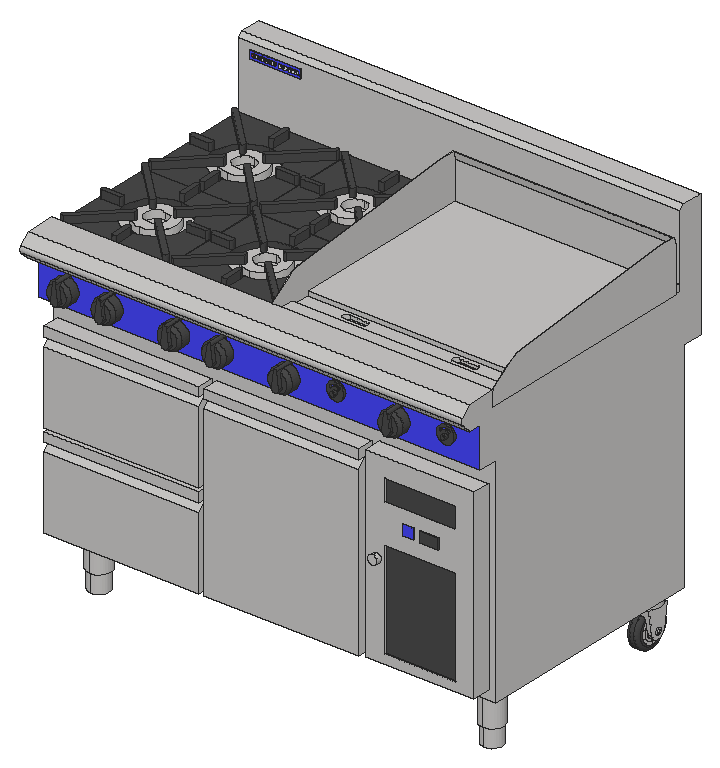
Revit family "QF_MOFFAT_BLUESEAL_CE_G518B-RB", category Specialty Equipment, Revit 2012 (continued)
Definition of nested family "GAS BURNER 600 & GRIDDLE 600"
  Definition of nested family "GAS BURNER 600"
    Lines and regions (mm)
      symbolic lines
        curve 152: spline (443.6, -378.102, 0) -> (443.818, -379.396, 0) -> (444.457, -380.602, 0) -> (445.475, -381.638, 0) -> (446.8, -382.432, 0) -> (448.344, -382.932, 0) -> (450, -383.102, 0) -> (451.656, -382.932, 0) -> (453.2, -382.432, 0) -> (454.525, -381.638, 0) -> (455.543, -380.602, 0) -> (456.182, -379.396, 0) -> (456.4, -378.102, 0)
        curve 153: line (456.4, -378.102, 0) -> (456.4, -328.898, 0)
        curve 154: spline (456.4, -328.898, 0) -> (456.182, -327.604, 0) -> (455.543, -326.398, 0) -> (454.525, -325.362, 0) -> (453.2, -324.568, 0) -> (451.656, -324.068, 0) -> (450, -323.898, 0) -> (448.344, -324.068, 0) -> (446.8, -324.568, 0) -> (445.475, -325.362, 0) -> (444.457, -326.398, 0) -> (443.818, -327.604, 0) -> (443.6, -328.898, 0)
        curve 155: line (584.847, -326.102, 0) -> (476.924, -434.025, 0)
        curve 156: spline (476.924, -434.025, 0) -> (476.163, -435.095, 0) -> (475.762, -436.399, 0) -> (475.749, -437.851, 0) -> (476.125, -439.35, 0) -> (476.863, -440.795, 0) -> (477.914, -442.086, 0) -> (479.205, -443.137, 0) -> (480.65, -443.875, 0) -> (482.149, -444.251, 0) -> (483.601, -444.238, 0) -> (484.905, -443.837, 0) -> (485.975, -443.076, 0)
        curve 157: line (485.975, -443.076, 0) -> (593.898, -335.153, 0)
        curve 158: spline (593.898, -335.153, 0) -> (594.819, -333.924, 0) -> (595.369, -332.47, 0) -> (595.51, -330.89, 0) -> (595.233, -329.292, 0) -> (594.557, -327.786, 0) -> (593.527, -326.473, 0) -> (592.214, -325.443, 0) -> (590.708, -324.767, 0) -> (589.11, -324.49, 0) -> (587.53, -324.631, 0) -> (586.076, -325.181, 0) -> (584.847, -326.102, 0)
        curve 159: line (591.102, -463.6, 0) -> (541.898, -463.6, 0)
        curve 160: spline (541.898, -463.6, 0) -> (540.604, -463.818, 0) -> (539.398, -464.457, 0) -> (538.362, -465.475, 0) -> (537.568, -466.8, 0) -> (537.068, -468.344, 0) -> (536.898, -470, 0) -> (537.068, -471.656, 0) -> (537.568, -473.2, 0) -> (538.362, -474.525, 0) -> (539.398, -475.543, 0) -> (540.604, -476.182, 0) -> (541.898, -476.4, 0)
        curve 161: line (541.898, -476.4, 0) -> (591.102, -476.4, 0)
        curve 162: spline (591.102, -476.4, 0) -> (592.396, -476.182, 0) -> (593.602, -475.543, 0) -> (594.638, -474.525, 0) -> (595.432, -473.2, 0) -> (595.932, -471.656, 0) -> (596.102, -470, 0) -> (595.932, -468.344, 0) -> (595.432, -466.8, 0) -> (594.638, -465.475, 0) -> (593.602, -464.457, 0) -> (592.396, -463.818, 0) -> (591.102, -463.6, 0)
        curve 163: line (593.898, -603.347, 0) -> (485.975, -496.924, 0)
        curve 164: spline (485.975, -496.924, 0) -> (484.905, -496.163, 0) -> (483.601, -495.762, 0) -> (482.149, -495.749, 0) -> (480.65, -496.125, 0) -> (479.205, -496.863, 0) -> (477.914, -497.914, 0) -> (476.863, -499.205, 0) -> (476.125, -500.65, 0) -> (475.749, -502.149, 0) -> (475.762, -503.601, 0) -> (476.163, -504.905, 0) -> (476.924, -505.975, 0)
        curve 165: line (476.924, -505.975, 0) -> (584.847, -612.398, 0)
        curve 166: spline (584.847, -612.398, 0) -> (585.916, -613.159, 0) -> (587.221, -613.559, 0) -> (588.672, -613.572, 0) -> (590.171, -613.197, 0) -> (591.616, -612.459, 0) -> (592.908, -611.408, 0) -> (593.959, -610.116, 0) -> (594.697, -608.671, 0) -> (595.072, -607.172, 0) -> (595.059, -605.721, 0) -> (594.659, -604.416, 0) -> (593.898, -603.347, 0)
        curve 167: line (315.153, -612.398, 0) -> (423.076, -505.975, 0)
        curve 168: spline (423.076, -505.975, 0) -> (423.837, -504.905, 0) -> (424.238, -503.601, 0) -> (424.251, -502.149, 0) -> (423.875, -500.65, 0) -> (423.137, -499.205, 0) -> (422.086, -497.914, 0) -> (420.795, -496.863, 0) -> (419.35, -496.125, 0) -> (417.851, -495.749, 0) -> (416.399, -495.762, 0) -> (415.095, -496.163, 0) -> (414.025, -496.924, 0)
        curve 169: line (414.025, -496.924, 0) -> (306.102, -603.347, 0)
        curve 170: spline (306.102, -603.347, 0) -> (305.341, -604.416, 0) -> (304.941, -605.721, 0) -> (304.928, -607.172, 0) -> (305.303, -608.671, 0) -> (306.041, -610.116, 0) -> (307.092, -611.408, 0) -> (308.384, -612.459, 0) -> (309.829, -613.197, 0) -> (311.328, -613.572, 0) -> (312.779, -613.559, 0) -> (314.084, -613.159, 0) -> (315.153, -612.398, 0)
        curve 171: line (308.898, -476.4, 0) -> (358.102, -476.4, 0)
        curve 172: spline (358.102, -476.4, 0) -> (359.396, -476.182, 0) -> (360.602, -475.543, 0) -> (361.638, -474.525, 0) -> (362.432, -473.2, 0) -> (362.932, -471.656, 0) -> (363.102, -470, 0) -> (362.932, -468.344, 0) -> (362.432, -466.8, 0) -> (361.638, -465.475, 0) -> (360.602, -464.457, 0) -> (359.396, -463.818, 0) -> (358.102, -463.6, 0)
        curve 173: line (358.102, -463.6, 0) -> (308.898, -463.6, 0)
        curve 174: spline (308.898, -463.6, 0) -> (307.604, -463.818, 0) -> (306.398, -464.457, 0) -> (305.362, -465.475, 0) -> (304.568, -466.8, 0) -> (304.068, -468.344, 0) -> (303.898, -470, 0) -> (304.068, -471.656, 0) -> (304.568, -473.2, 0) -> (305.362, -474.525, 0) -> (306.398, -475.543, 0) -> (307.604, -476.182, 0) -> (308.898, -476.4, 0)
        curve 175: line (456.4, -609.602, 0) -> (456.4, -561.898, 0)
        curve 176: spline (456.4, -561.898, 0) -> (456.182, -560.604, 0) -> (455.543, -559.398, 0) -> (454.525, -558.362, 0) -> (453.2, -557.568, 0) -> (451.656, -557.068, 0) -> (450, -556.898, 0) -> (448.344, -557.068, 0) -> (446.8, -557.568, 0) -> (445.475, -558.362, 0) -> (444.457, -559.398, 0) -> (443.818, -560.604, 0) -> (443.6, -561.898, 0)
        curve 177: line (443.6, -561.898, 0) -> (443.6, -609.602, 0)
        curve 178: spline (443.6, -609.602, 0) -> (443.818, -610.896, 0) -> (444.457, -612.102, 0) -> (445.475, -613.138, 0) -> (446.8, -613.932, 0) -> (448.344, -614.432, 0) -> (450, -614.602, 0) -> (451.656, -614.432, 0) -> (453.2, -613.932, 0) -> (454.525, -613.138, 0) -> (455.543, -612.102, 0) -> (456.182, -610.896, 0) -> (456.4, -609.602, 0)
        curve 179: arc (450.009, -384.418, 0) -> (479.699, -389.834, 0) -> (505.564, -405.385, 0) r 84.082
        curve 180: arc (450.009, -552.582, 0) -> (417.885, -546.204, 0) -> (390.635, -528.036, 0) r 84.082
        curve 181: arc (450, -523.5, 0) -> (467.666, -520.693, 0) -> (483.592, -512.55, 0) r 57
        curve 182: arc (450, -409.5, 0) -> (430.014, -413.119, 0) -> (412.566, -423.515, 0) r 57
        curve 183: arc (450, -436.5, 0) -> (480, -466.5, 0) -> (450, -496.5, 0) r 30
        curve 184: arc (450, -496.5, 0) -> (420, -466.5, 0) -> (450, -436.5, 0) r 30
        curve 185: arc (96.324, -103.773, 0) -> (121.466, -89.404, 0) -> (149.991, -84.418, 0) r 84.082
        curve 186: arc (212.871, -112.68, 0) -> (234.066, -167.408, 0) -> (214.3, -222.668, 0) r 84.082
        curve 187: arc (194.454, -202.178, 0) -> (207, -166.598, 0) -> (194.576, -130.975, 0) r 57
        curve 188: arc (114.628, -211.197, 0) -> (131.275, -220.336, 0) -> (150, -223.5, 0) r 57
        curve 189: arc (405.424, -130.975, 0) -> (393, -166.598, 0) -> (405.546, -202.178, 0) r 57
        curve 190: arc (485.525, -121.924, 0) -> (468.817, -112.696, 0) -> (450, -109.5, 0) r 57
        curve 191: arc (494.454, -202.178, 0) -> (507, -166.598, 0) -> (494.576, -130.975, 0) r 57
        curve 192: arc (414.628, -211.197, 0) -> (431.275, -220.336, 0) -> (450, -223.5, 0) r 57
        curve 193: arc (105.424, -130.975, 0) -> (93, -166.598, 0) -> (105.546, -202.178, 0) r 57
        curve 194: arc (514.501, -414.55, 0) -> (534.086, -469.429, 0) -> (513.293, -523.862, 0) r 84.082
        curve 195: arc (504.155, -532.827, 0) -> (478.827, -547.489, 0) -> (450.009, -552.582, 0) r 84.082
        curve 196: arc (493.031, -503.881, 0) -> (506.947, -468.956, 0) -> (496.089, -432.962, 0) r 57
        curve 197: arc (416.408, -512.55, 0) -> (432.334, -520.693, 0) -> (450, -523.5, 0) r 57
        curve 198: arc (403.911, -432.962, 0) -> (393.053, -468.956, 0) -> (406.969, -503.881, 0) r 57
        curve 199: arc (487.434, -423.515, 0) -> (469.986, -413.119, 0) -> (450, -409.5, 0) r 57
        curve 200: arc (187.434, -423.515, 0) -> (169.986, -413.119, 0) -> (150, -409.5, 0) r 57
        curve 201: arc (103.911, -432.962, 0) -> (93.053, -468.956, 0) -> (106.969, -503.881, 0) r 57
        curve 202: arc (109.732, -506.842, 0) -> (110.614, -507.704, 0) -> (111.516, -508.547, 0) r 57
        curve 203: arc (193.031, -503.881, 0) -> (206.947, -468.956, 0) -> (196.089, -432.962, 0) r 57
        curve 204: arc (214.491, -414.56, 0) -> (234.068, -469.429, 0) -> (213.283, -523.853, 0) r 84.082
        curve 205: arc (94.436, -405.385, 0) -> (120.301, -389.834, 0) -> (149.991, -384.418, 0) r 84.082
        curve 206: arc (86.707, -523.862, 0) -> (65.914, -469.429, 0) -> (85.499, -414.55, 0) r 84.082
        curve 207: arc (116.408, -512.55, 0) -> (132.334, -520.693, 0) -> (150, -523.5, 0) r 57
        curve 208: arc (204.147, -532.819, 0) -> (178.816, -547.487, 0) -> (149.991, -552.582, 0) r 84.082
        curve 209: arc (394.444, -405.393, 0) -> (420.313, -389.836, 0) -> (450.009, -384.418, 0) r 84.082
        curve 210: arc (390.635, -528.036, 0) -> (366.012, -472.294, 0) -> (385.509, -414.56, 0) r 84.082
        curve 211: arc (185.525, -121.924, 0) -> (168.817, -112.696, 0) -> (150, -109.5, 0) r 57
        curve 212: arc (396.332, -103.781, 0) -> (421.477, -89.406, 0) -> (450.009, -84.418, 0) r 84.082
        curve 213: arc (512.881, -112.67, 0) -> (534.084, -167.408, 0) -> (514.31, -222.678, 0) r 84.082
        curve 214: arc (505.339, -231.812, 0) -> (479.559, -247.219, 0) -> (450.009, -252.582, 0) r 84.082
        curve 215: arc (385.7, -222.668, 0) -> (365.934, -167.408, 0) -> (387.129, -112.68, 0) r 84.082
        curve 216: arc (205.331, -231.803, 0) -> (179.547, -247.216, 0) -> (149.991, -252.582, 0) r 84.082
        curve 217: arc (85.69, -222.678, 0) -> (65.916, -167.408, 0) -> (87.119, -112.67, 0) r 84.082
    Dimensions and locks
      equal spacing: plane 3 "LEFT", plane 7 "Center Y", plane 4 "RIGHT"
      "Width": plane 3 "LEFT" to plane 4 "RIGHT"
      equal spacing: plane 5 "FRONT", plane 8 "Center X", plane 1 "BACK"
      "Depth": plane 5 "FRONT" to plane 1 "BACK"
      aligned and locked: level to plane 2
    Automatic sketch dimensions
      plane 3 "LEFT" to Extrusion 1 sketch curve = 4.0 mm  (x2)
      plane 1 "BACK" to Extrusion 1 sketch curve = 0.0 mm
      plane 3 "LEFT" to Extrusion 1 sketch curve = 1.0 mm  (x2)
      Extrusion 1 sketch curve to Extrusion 1 sketch curve = 3.0 mm  (x5)
      plane 8 "Center X" to Extrusion 1 sketch curve = 149.0 mm
      Extrusion 1 sketch curve to plane 7 "Center Y" = 1.0 mm  (x2)
      plane 8 "Center X" to Extrusion 1 sketch curve = 2.0 mm  (x2)
      Extrusion 1 sketch curve to plane 5 "FRONT" = 166.5 mm
      Extrusion 1 sketch curve to plane 5 "FRONT" = 3.0 mm  (x2)
      plane 3 "LEFT" to Extrusion 1 sketch curve = 149.991 mm  (x2)
      Extrusion 2 sketch curve to Extrusion 1 = 22.602 mm  (x2)
      Extrusion 2 sketch curve to Extrusion 1 = 25.398 mm  (x2)
      Extrusion 2 sketch curve to Extrusion 2 sketch curve = 4.525 mm  (x16)
      Extrusion 2 sketch curve to Extrusion 2 sketch curve = 49.204 mm  (x5)
      Extrusion 2 sketch curve to Extrusion 2 sketch curve = 55.923 mm  (x5)
      Extrusion 2 sketch curve to Extrusion 2 sketch curve = 0.0 mm  (x5)
      Extrusion 2 sketch curve to Extrusion 2 sketch curve = 20.524 mm  (x8)
      Extrusion 2 sketch curve to Extrusion 2 sketch curve = 6.4 mm  (x8)
      Extrusion 2 sketch curve to Extrusion 2 sketch curve = 53.847 mm  (x8)
      Extrusion 2 sketch curve to Extrusion 1 = 56.602 mm
      Extrusion 2 sketch curve to Extrusion 1 = 5.102 mm  (x6)
      Extrusion 2 sketch curve to Extrusion 1 = 13.653 mm  (x2)
      Extrusion 2 sketch curve to Extrusion 1 = 7.398 mm  (x2)
      Extrusion 2 sketch curve to Extrusion 1 = 4.602 mm  (x2)
      Extrusion 2 sketch curve to Extrusion 1 = 7.898 mm  (x4)
      Extrusion 2 sketch curve to Extrusion 1 = 31.653 mm  (x2)
      Extrusion 2 sketch curve to Extrusion 1 = 57.102 mm
      Extrusion 2 sketch curve to Extrusion 1 = 14.153 mm
      Extrusion 3 sketch curve to Extrusion 3 sketch curve = 0.0 mm  (x24)
      plane 8 "Center X" to Extrusion 3 sketch curve = 208.0 mm
      Extrusion 3 sketch curve to Extrusion 3 sketch curve = 27.0 mm  (x2)
      Extrusion 3 sketch curve to Extrusion 3 sketch curve = 30.0 mm  (x2)
      Extrusion 3 sketch curve to plane 5 "FRONT" = 225.5 mm
      plane 3 "LEFT" to Extrusion 3 sketch curve = 150.0 mm  (x2)
      plane 4 "RIGHT" to Extrusion 4 sketch curve = 4.0 mm  (x2)
      plane 1 "BACK" to Extrusion 4 sketch curve = 0.0 mm
      plane 4 "RIGHT" to Extrusion 4 sketch curve = 1.0 mm  (x2)
      Extrusion 4 sketch curve to Extrusion 4 sketch curve = 3.0 mm  (x5)
      plane 8 "Center X" to Extrusion 4 sketch curve = 149.0 mm
      plane 7 "Center Y" to Extrusion 4 sketch curve = 1.0 mm  (x2)
      plane 8 "Center X" to Extrusion 4 sketch curve = 2.0 mm  (x2)
      Extrusion 4 sketch curve to plane 5 "FRONT" = 166.5 mm
      Extrusion 4 sketch curve to plane 5 "FRONT" = 3.0 mm  (x2)
      plane 4 "RIGHT" to Extrusion 4 sketch curve = 149.991 mm  (x2)
      Extrusion 5 sketch curve to Extrusion 4 = 22.602 mm  (x2)
      Extrusion 5 sketch curve to Extrusion 4 = 25.398 mm  (x2)
      Extrusion 5 sketch curve to Extrusion 5 sketch curve = 4.525 mm  (x16)
      Extrusion 5 sketch curve to Extrusion 5 sketch curve = 49.204 mm  (x4)
      Extrusion 5 sketch curve to Extrusion 5 sketch curve = 55.923 mm  (x5)
      Extrusion 5 sketch curve to Extrusion 5 sketch curve = 0.0 mm  (x6)
      Extrusion 5 sketch curve to Extrusion 5 sketch curve = 20.524 mm  (x7)
      Extrusion 5 sketch curve to Extrusion 5 sketch curve = 6.4 mm  (x8)
      Extrusion 5 sketch curve to Extrusion 5 sketch curve = 53.847 mm  (x8)
      Extrusion 5 sketch curve to Extrusion 4 = 56.602 mm
      Extrusion 5 sketch curve to Extrusion 4 = 5.102 mm  (x6)
      Extrusion 5 sketch curve to Extrusion 4 = 13.653 mm  (x2)
      Extrusion 5 sketch curve to Extrusion 4 = 7.398 mm  (x2)
      Extrusion 5 sketch curve to Extrusion 4 = 4.602 mm  (x2)
      Extrusion 5 sketch curve to Extrusion 4 = 7.898 mm  (x4)
      Extrusion 5 sketch curve to Extrusion 4 = 31.653 mm  (x2)
      Extrusion 5 sketch curve to Extrusion 4 = 57.102 mm  (x2)
      Extrusion 5 sketch curve to Extrusion 4 = 14.153 mm
      Extrusion 6 sketch curve to Extrusion 6 sketch curve = 0.0 mm  (x24)
      plane 8 "Center X" to Extrusion 6 sketch curve = 208.0 mm
      Extrusion 6 sketch curve to Extrusion 6 sketch curve = 27.0 mm  (x2)
      Extrusion 6 sketch curve to Extrusion 6 sketch curve = 30.0 mm  (x2)
      Extrusion 6 sketch curve to plane 5 "FRONT" = 225.5 mm
      plane 4 "RIGHT" to Extrusion 6 sketch curve = 150.0 mm  (x2)
      curve 1 to plane 7 "Center Y" = 123.076 mm
      curve 2 to curve 2 = 4.525 mm
      curve 1 to plane 7 "Center Y" = 15.153 mm
      curve 1 to curve 4 = 4.525 mm
      plane 1 "BACK" to curve 3 = 139.576 mm
      plane 1 "BACK" to curve 4 = 31.653 mm
      curve 7 to plane 7 "Center Y" = 58.102 mm
      curve 8 to plane 7 "Center Y" = 8.898 mm
      curve 8 to curve 2 = 20.524 mm
      curve 6 to curve 5 = 6.4 mm
      plane 7 "Center Y" to curve 9 = 6.102 mm
      curve 9 to curve 12 = 4.525 mm
      plane 7 "Center Y" to curve 10 = 114.025 mm
      curve 10 to curve 10 = 4.525 mm
      curve 5 to curve 10 = 20.524 mm
      curve 3 to curve 9 = 0.0 mm
      plane 1 "BACK" to curve 13 = 25.398 mm
      curve 10 to curve 13 = 20.524 mm
      curve 13 to curve 16 = 6.4 mm
      curve 14 to curve 15 = 49.204 mm
      curve 11 to curve 17 = 53.847 mm
      curve 18 to curve 18 = 4.525 mm
      plane 4 "RIGHT" to curve 17 = 15.153 mm
      curve 20 to curve 20 = 4.525 mm
      curve 18 to curve 11 = 9.051 mm
      plane 1 "BACK" to curve 20 = 31.653 mm
      plane 4 "RIGHT" to curve 22 = 58.102 mm
      plane 4 "RIGHT" to curve 21 = 8.898 mm
      curve 23 to curve 18 = 33.324 mm
      curve 22 to curve 22 = 6.4 mm
      curve 26 to curve 18 = 9.051 mm
      curve 27 to curve 26 = 4.525 mm
      plane 8 "Center X" to curve 27 = 3.602 mm
      plane 4 "RIGHT" to curve 27 = 15.153 mm
      curve 27 to curve 28 = 4.525 mm
      curve 27 to curve 18 = 62.898 mm
      curve 30 to curve 26 = 31.449 mm
      curve 192 to curve 27 = 21.025 mm
      curve 26 to curve 29 = 31.449 mm
      curve 14 to curve 31 = 0.009 mm
      curve 32 to curve 29 = 29.082 mm
      curve 31 to curve 29 = 2.0 mm
      curve 29 to curve 33 = 0.0 mm  (x2)
      curve 29 to curve 34 = 27.0 mm
      curve 211 to curve 2 = 31.449 mm
      curve 35 to curve 3 = 83.924 mm
      curve 35 to curve 2 = 31.449 mm
      curve 37 to curve 211 = 0.009 mm
      curve 216 to curve 35 = 29.082 mm
      curve 38 to curve 36 = 2.0 mm
      curve 42 to curve 185 = 6.391 mm
      curve 41 to curve 40 = 6.4 mm
      curve 185 to curve 41 = 9.816 mm
      plane 1 "BACK" to curve 41 = 25.398 mm
      plane 7 "Center Y" to curve 44 = 8.898 mm
      curve 44 to curve 45 = 49.204 mm
      curve 7 to curve 44 = 0.0 mm
      curve 45 to curve 44 = 6.4 mm
      plane 7 "Center Y" to curve 48 = 6.102 mm
      curve 48 to curve 48 = 4.525 mm
      curve 50 to curve 33 = 35.975 mm
      curve 47 to curve 50 = 4.525 mm
      plane 8 "Center X" to curve 48 = 3.602 mm
      curve 50 to curve 33 = 5.975 mm
      plane 8 "Center X" to curve 53 = 6.398 mm
      curve 53 to curve 32 = 6.409 mm
      curve 53 to curve 54 = 6.4 mm
      curve 52 to curve 32 = 9.316 mm
      plane 1 "BACK" to curve 56 = 0.0 mm
      plane 7 "Center Y" to curve 57 = 1.0 mm
      curve 57 to curve 56 = 3.0 mm
      curve 59 to plane 8 "Center X" = 1.0 mm
      plane 7 "Center Y" to curve 59 = 4.0 mm
      plane 4 "RIGHT" to curve 55 = 4.0 mm
      plane 4 "RIGHT" to curve 59 = 4.0 mm
      plane 4 "RIGHT" to curve 60 = 1.0 mm
      plane 1 "BACK" to curve 64 = 0.0 mm
      curve 66 to plane 8 "Center X" = 1.0 mm
      plane 3 "LEFT" to curve 66 = 4.0 mm
      plane 3 "LEFT" to curve 63 = 4.0 mm
      plane 3 "LEFT" to curve 64 = 1.0 mm
      curve 70 to plane 7 "Center Y" = 4.0 mm
      curve 68 to plane 7 "Center Y" = 4.0 mm
      curve 70 to plane 7 "Center Y" = 1.0 mm
      plane 5 "FRONT" to curve 74 = 0.0 mm
      plane 3 "LEFT" to curve 72 = 1.0 mm
      plane 3 "LEFT" to curve 74 = 4.0 mm
      curve 71 to curve 66 = 0.0 mm
      curve 75 to plane 7 "Center Y" = 4.0 mm
      curve 78 to plane 7 "Center Y" = 4.0 mm
      curve 77 to plane 7 "Center Y" = 1.0 mm
      curve 78 to curve 67 = 6.0 mm
      plane 5 "FRONT" to curve 82 = 0.0 mm
      plane 7 "Center Y" to curve 80 = 1.0 mm
      plane 7 "Center Y" to curve 82 = 4.0 mm
      curve 79 to curve 59 = 0.0 mm  (x2)
      plane 4 "RIGHT" to curve 83 = 4.0 mm
      plane 4 "RIGHT" to curve 84 = 1.0 mm
      curve 78 to curve 80 = 0.0 mm
      curve 35 to curve 88 = 26.924 mm
      curve 89 to curve 88 = 4.525 mm
      plane 8 "Center X" to curve 90 = 3.602 mm
      curve 90 to curve 68 = 11.153 mm
      curve 89 to curve 90 = 4.525 mm
      curve 35 to curve 89 = 21.025 mm
      plane 3 "LEFT" to curve 94 = 6.102 mm
      curve 94 to curve 94 = 4.525 mm
      curve 92 to curve 38 = 35.966 mm
      curve 92 to curve 92 = 4.525 mm
      plane 8 "Center X" to curve 91 = 3.602 mm
      curve 188 to curve 92 = 21.025 mm
      plane 3 "LEFT" to curve 98 = 8.898 mm
      curve 97 to curve 97 = 49.204 mm
      curve 93 to curve 98 = 20.524 mm
      curve 95 to curve 98 = 6.4 mm
      plane 3 "LEFT" to curve 102 = 6.102 mm
      curve 99 to curve 102 = 4.525 mm
      curve 100 to curve 36 = 35.975 mm
      curve 99 to curve 100 = 4.525 mm
      curve 36 to curve 100 = 26.924 mm
      curve 102 to curve 64 = 28.653 mm
      curve 35 to curve 103 = 0.0 mm  (x2)
      curve 35 to curve 104 = 27.0 mm
      curve 107 to curve 38 = 6.391 mm
      curve 107 to curve 108 = 6.4 mm
      plane 8 "Center X" to curve 108 = 6.398 mm
      curve 106 to curve 216 = 9.316 mm
      curve 112 to curve 107 = 0.0 mm
      curve 111 to curve 110 = 6.4 mm
      curve 111 to plane 8 "Center X" = 60.602 mm
      curve 110 to plane 8 "Center X" = 11.398 mm
      curve 109 to curve 114 = 20.524 mm
      curve 114 to curve 114 = 4.525 mm
      curve 116 to curve 78 = 11.153 mm
      curve 116 to curve 116 = 4.525 mm
      curve 115 to curve 109 = 64.974 mm
      curve 116 to curve 78 = 10.653 mm
      plane 3 "LEFT" to curve 118 = 6.102 mm
      curve 118 to curve 118 = 4.525 mm
      curve 120 to curve 113 = 62.898 mm
      curve 119 to curve 120 = 4.525 mm
      curve 120 to curve 113 = 9.051 mm
      curve 119 to curve 72 = 10.653 mm
      plane 3 "LEFT" to curve 121 = 8.898 mm
      curve 121 to curve 124 = 49.204 mm
      curve 123 to curve 120 = 33.324 mm
      curve 123 to curve 124 = 6.4 mm
      plane 3 "LEFT" to curve 126 = 6.102 mm
      curve 125 to curve 126 = 4.525 mm
      curve 125 to curve 119 = 0.0 mm
      curve 125 to curve 128 = 4.525 mm
      curve 74 to curve 127 = 19.602 mm
      curve 127 to curve 119 = 62.898 mm
      curve 127 to curve 130 = 20.524 mm
      curve 131 to curve 132 = 6.4 mm
      curve 132 to plane 5 "FRONT" = 25.398 mm
      curve 132 to curve 131 = 47.704 mm
      curve 127 to curve 136 = 53.847 mm
      curve 133 to curve 136 = 4.525 mm
      curve 134 to plane 7 "Center Y" = 15.153 mm
      curve 133 to curve 134 = 4.525 mm
      curve 76 to curve 134 = 19.602 mm
      curve 127 to curve 136 = 0.0 mm
      curve 208 to curve 130 = 0.009 mm
      curve 130 to curve 208 = 9.316 mm
      curve 137 to curve 120 = 29.949 mm
      curve 137 to curve 200 = 0.009 mm
      curve 208 to curve 139 = 29.082 mm
      curve 137 to curve 203 = 2.0 mm
      curve 203 to curve 141 = 0.0 mm  (x2)
      curve 139 to curve 142 = 27.0 mm
      curve 144 to plane 7 "Center Y" = 58.102 mm
      curve 143 to plane 7 "Center Y" = 8.898 mm
      curve 135 to curve 144 = 20.524 mm
      curve 144 to curve 144 = 6.4 mm
      plane 7 "Center Y" to curve 149 = 6.102 mm
      curve 148 to curve 148 = 4.525 mm
      plane 7 "Center Y" to curve 150 = 114.025 mm
      curve 149 to curve 150 = 4.525 mm
      curve 143 to curve 150 = 20.524 mm
      curve 149 to curve 80 = 10.653 mm
      curve 151 to curve 53 = 0.0 mm
      curve 151 to curve 154 = 6.4 mm
      curve 152 to plane 8 "Center X" = 60.602 mm
      curve 151 to plane 8 "Center X" = 11.398 mm
      curve 150 to curve 156 = 53.847 mm
      curve 156 to curve 156 = 4.525 mm
      curve 155 to curve 86 = 11.153 mm
      curve 155 to curve 158 = 4.525 mm
      curve 157 to curve 150 = 9.051 mm
      curve 158 to curve 86 = 10.653 mm
      plane 4 "RIGHT" to curve 160 = 58.102 mm
      plane 4 "RIGHT" to curve 159 = 8.898 mm
      curve 161 to curve 156 = 33.324 mm
      curve 160 to curve 160 = 6.4 mm
      curve 164 to curve 156 = 9.051 mm
      curve 164 to curve 164 = 4.525 mm
      plane 4 "RIGHT" to curve 165 = 15.153 mm
      curve 165 to curve 166 = 4.525 mm
      curve 84 to curve 165 = 19.602 mm
      curve 164 to curve 156 = 62.898 mm
      plane 7 "Center Y" to curve 170 = 6.102 mm
      curve 170 to curve 170 = 4.525 mm
      curve 168 to curve 150 = 0.0 mm
      curve 168 to curve 168 = 4.525 mm  (x2)
      curve 82 to curve 170 = 19.602 mm
      curve 167 to curve 164 = 0.0 mm
      plane 7 "Center Y" to curve 171 = 8.898 mm
      curve 174 to curve 172 = 49.204 mm
      curve 169 to curve 172 = 20.524 mm
      curve 171 to curve 172 = 6.4 mm
      curve 167 to curve 176 = 20.524 mm
      curve 178 to curve 178 = 6.4 mm
      curve 177 to plane 5 "FRONT" = 25.398 mm
      curve 175 to curve 175 = 47.704 mm
      curve 180 to curve 156 = 31.44 mm
      curve 176 to curve 180 = 9.316 mm
      curve 180 to curve 156 = 29.949 mm
      curve 182 to curve 179 = 0.009 mm
      curve 195 to curve 181 = 29.082 mm
      curve 179 to curve 181 = 2.0 mm
      curve 181 to curve 183 = 0.0 mm  (x2)
      curve 181 to curve 184 = 27.0 mm
      curve 37 to curve 38 = 0.0 mm  (x2)
      curve 185 to curve 100 = 22.227 mm
      curve 37 to curve 185 = 0.0 mm
      curve 2 to curve 37 = 22.219 mm
      curve 35 to curve 36 = 0.0 mm  (x2)
      curve 88 to curve 35 = 3.923 mm
      curve 35 to curve 211 = 0.0 mm
      curve 193 to curve 92 = 13.004 mm
      curve 29 to curve 30 = 0.0 mm  (x2)
      curve 189 to curve 10 = 13.126 mm
      curve 29 to curve 189 = 0.0 mm  (x2)
      curve 18 to curve 190 = 4.076 mm
      curve 29 to curve 190 = 0.0 mm
      curve 29 to curve 191 = 0.0 mm  (x2)
      curve 26 to curve 29 = 3.923 mm
      curve 189 to curve 50 = 13.004 mm
      curve 35 to curve 188 = 0.0 mm
      curve 35 to curve 193 = 0.0 mm  (x2)
      curve 193 to curve 100 = 13.126 mm
      curve 179 to curve 180 = 0.0 mm  (x2)
      curve 156 to curve 194 = 33.052 mm
      curve 179 to curve 194 = 0.0 mm  (x2)
      curve 179 to curve 195 = 0.0 mm
      curve 181 to curve 198 = 0.0 mm  (x2)
      curve 164 to curve 181 = 2.142 mm
      curve 181 to curve 196 = 0.0 mm  (x2)
      curve 198 to curve 168 = 11.581 mm
      curve 181 to curve 182 = 0.0 mm  (x2)
      curve 182 to curve 150 = 5.985 mm
      curve 181 to curve 197 = 0.0 mm
      curve 156 to curve 196 = 14.64 mm
      curve 203 to curve 140 = 0.0 mm  (x2)
      curve 114 to curve 200 = 5.985 mm
      curve 203 to curve 200 = 0.0 mm
      curve 201 to curve 120 = 14.64 mm
      curve 203 to curve 201 = 0.0 mm  (x2)
      curve 201 to curve 128 = 11.581 mm
      curve 139 to curve 140 = 0.0 mm  (x2)
      curve 136 to curve 139 = 2.142 mm
      curve 137 to curve 138 = 0.0 mm  (x2)
      curve 203 to curve 137 = 9.467 mm
      curve 137 to curve 204 = 0.0 mm  (x2)
      curve 137 to curve 204 = 8.936 mm
      curve 137 to curve 205 = 0.0 mm
      curve 205 to curve 140 = 18.13 mm
      curve 206 to curve 205 = 8.937 mm
      curve 206 to curve 205 = 9.165 mm
      curve 137 to curve 206 = 0.0 mm  (x2)
      curve 138 to curve 201 = 11.124 mm
      curve 139 to curve 202 = 0.0 mm  (x2)
      curve 202 to curve 202 = 1.784 mm
      curve 137 to curve 208 = 0.0 mm
      curve 203 to curve 204 = 20.253 mm
      curve 208 to curve 204 = 9.136 mm
      curve 208 to curve 204 = 8.967 mm
      curve 139 to curve 207 = 0.0 mm
      curve 139 to curve 203 = 9.439 mm
      curve 202 to curve 207 = 4.893 mm
      curve 207 to curve 202 = 4.003 mm
      curve 206 to curve 138 = 9.138 mm
      curve 138 to curve 206 = 8.965 mm
      curve 201 to curve 202 = 2.762 mm
      curve 202 to curve 201 = 2.96 mm
      curve 206 to curve 201 = 18.412 mm
      curve 203 to curve 136 = 6.958 mm
      curve 200 to curve 203 = 8.655 mm
      curve 201 to curve 140 = 9.447 mm
      curve 179 to curve 209 = 0.0 mm
      curve 210 to curve 182 = 27.057 mm
      curve 179 to curve 210 = 0.0 mm  (x2)
      curve 180 to curve 197 = 25.774 mm
      curve 181 to curve 199 = 0.0 mm
      curve 180 to curve 198 = 16.335 mm
      curve 198 to curve 182 = 8.655 mm
      curve 198 to curve 169 = 6.958 mm
      curve 199 to curve 196 = 8.655 mm
      curve 196 to curve 199 = 9.447 mm
      curve 181 to curve 196 = 9.439 mm
      curve 181 to curve 196 = 8.668 mm
      curve 210 to curve 209 = 8.936 mm
      curve 195 to curve 194 = 9.138 mm
      curve 179 to curve 194 = 8.937 mm
      curve 194 to curve 179 = 9.165 mm
      curve 195 to curve 194 = 8.965 mm
      curve 35 to curve 187 = 0.0 mm  (x2)
      curve 2 to curve 187 = 13.126 mm
      curve 31 to curve 32 = 0.0 mm  (x2)
      curve 212 to curve 189 = 9.093 mm
      curve 31 to curve 212 = 0.0 mm
      curve 190 to curve 31 = 18.152 mm
      curve 31 to curve 213 = 0.0 mm  (x2)
      curve 29 to curve 214 = 19.967 mm
      curve 31 to curve 214 = 0.0 mm
      curve 31 to curve 215 = 0.0 mm  (x2)
      curve 32 to curve 192 = 19.959 mm
      curve 31 to curve 213 = 9.204 mm
      curve 29 to curve 192 = 0.0 mm
      curve 190 to curve 191 = 9.051 mm
      curve 214 to curve 213 = 8.97 mm
      curve 214 to curve 213 = 9.134 mm
      curve 29 to curve 191 = 9.081 mm
      curve 29 to curve 191 = 9.019 mm
      curve 32 to curve 189 = 10.878 mm
      curve 192 to curve 189 = 9.019 mm
      curve 215 to curve 32 = 8.969 mm
      curve 32 to curve 215 = 9.135 mm
      curve 215 to curve 212 = 9.203 mm
      curve 215 to curve 212 = 8.899 mm
      curve 189 to curve 30 = 9.051 mm  (x2)
      curve 37 to curve 186 = 0.0 mm  (x2)
      curve 187 to curve 186 = 19.847 mm
      curve 37 to curve 216 = 0.0 mm
      curve 216 to curve 186 = 8.969 mm
      curve 35 to curve 187 = 9.081 mm
      curve 193 to curve 188 = 9.081 mm
      curve 188 to curve 193 = 9.019 mm
      curve 37 to curve 217 = 0.0 mm  (x2)
      curve 38 to curve 193 = 10.886 mm
      curve 217 to curve 38 = 8.97 mm
      curve 38 to curve 217 = 9.134 mm
      curve 217 to curve 185 = 9.204 mm
      curve 216 to curve 186 = 9.135 mm
      curve 37 to curve 186 = 9.203 mm
      curve 186 to curve 37 = 8.899 mm
      curve 211 to curve 187 = 9.051 mm
      curve 187 to curve 87 = 8.754 mm
      curve 193 to curve 36 = 9.051 mm
      curve 2 to curve 211 = 8.601 mm
      radius of Extrusion 1 sketch curve = 84.082 mm  (x2)
      radius of Extrusion 4 sketch curve = 84.082 mm  (x2)
  Definition of nested family "GAS GRIDDLE PLATE 600"
    Parameters (values of type "GAS GRIDDLE PLATE 600")
      Width [instance] = 600.0 mm
      Weight in Pounds = 0
      URL Cutsheet = ""
      Type Mark [instance] = ""
      Status [instance] = ""
      Specification by User [instance] = ""
      Specification by Manufacturer = ""
      Serial Number = ""
      Seismic Rating = ""
      SMACNA No = ""
      Revision Code [instance] = ""
      Omniclass Number and Title = ""
      NAFEM Spec ID Number = ""
      Masterspec = ""
      Item Number [instance] = ""
      Installed By [instance] = ""
      Identify Quantity as Lot [instance] = yes
      Furnished By [instance] = ""
      Foodservice Equipment Identifier [instance] = yes
      Depth [instance] = 620.0 mm
      CSI MasterFormat = ""
      CSI Master Format = ""
    Reference planes
      plane 1 "BACK": y = 0
      plane 2: z = 0
      plane 3 "LEFT": x = 0
      plane 4 "RIGHT": x = 600
      plane 5 "FRONT": y = -620
      plane 6 "TOP": z = 142.5
      plane 7 "Center Y": x = 300
      plane 8 "Center X": y = -310
      plane 9: y = -530.997
      plane 10: y = -541.497
      plane 11: y = -503.25
      plane 12: y = -557.737
    Forms (mm)
      Extrusion 1, solid, material "QF_Finishes_Stainless Steel"
        sketch origin (0, 70.003, -874.5) x (0, 1, 0) y (0, 0, 1)
          loop
            line (-70, 875) -> (-70, 997.489) -> (-75.228, 1017) -> (-117.24, 1017) -> (-589.533, 971.523)
            arc (-589.533, 971.523) -> (-614.56, 965.803) -> (-637.306, 953.899) r 100
            line (-637.306, 953.899) -> (-690.003, 917) -> (-690.003, 875) -> (-70, 875)
        from 0 to 1.8
      Extrusion 2, solid, material "QF_Finishes_Stainless Steel"
        sketch origin (600, 70.003, -874.5) x (0, -1, 0) y (0, 0, 1)
          loop
            line (70, 875) -> (690.003, 875) -> (690.003, 917) -> (637.306, 953.899)
            arc (637.306, 953.899) -> (614.56, 965.803) -> (589.533, 971.523) r 100
            line (589.533, 971.523) -> (117.24, 1017) -> (75.228, 1017) -> (70, 997.489) -> (70, 875)
        from 0 to 1.2
      Extrusion 3, solid, material "QF_Finishes_Stainless Steel"
        sketch origin (150, 70.003, -874.5) x (0, 1, 0) y (0, 0, 1)
          loop
            line (-55, 895) -> (-573.253, 895) -> (-573.253, 884.5) -> (-627.74, 884.5) -> (-627.74, 895) -> (-690.003, 895) -> (-690.003, 875) -> (-55, 875) -> (-55, 895)
        from -148.2 to 448.8
      Extrusion 4, void
        sketch origin (150, -541.497, 10) x (0, -1, 0) y (1, 0, 0)
          loop
            arc (-7.497, 25.113) -> (-17.497, 35.113) -> (-27.497, 25.113) r 10
            line (-27.497, 25.113) -> (-27.497, -24.887)
            arc (-27.497, -24.887) -> (-17.497, -34.887) -> (-7.497, -24.887) r 10
            line (-7.497, -24.887) -> (-7.497, 25.113)
          loop
            line (-7.497, 274.887) -> (-7.497, 324.887)
            arc (-7.497, 324.887) -> (-17.497, 334.887) -> (-27.497, 324.887) r 10
            line (-27.497, 324.887) -> (-27.497, 274.887)
            arc (-27.497, 274.887) -> (-17.497, 264.887) -> (-7.497, 274.887) r 10
        from -41.4 to 40.142
      Extrusion 5, solid, material "QF_Finishes_Stainless Steel"
        sketch origin (0, 70.003, -874.5) x (0, 1, 0) y (0, 0, 1)
          loop
            line (-70, 875) -> (-70, 997.489) -> (-75.228, 1017) -> (-76.884, 1017) -> (-71.6, 997.278) -> (-71.6, 875) -> (-70, 875)
        from 0 to 598.8
    Cuts and joins
      Extrusion 4 cuts Extrusion 3
      joined: Extrusion 1, Extrusion 2, Extrusion 3, Extrusion 5
    Lines and regions (mm)
      symbolic lines
        curve 1: line (600, -503.25, 0) -> (0, -503.25, 0)
        curve 2: line (0, -557.737, 0) -> (600, -557.737, 0)
        curve 3: line (0, -1.68, 0) -> (600, -1.68, 0)
        curve 4: line (600, -1.68, 0) -> (600, -620, 0)
        curve 5: line (0, -620, 0) -> (0, -1.68, 0)
        curve 6: line (0, -620, 0) -> (600, -620, 0)
        curve 7: arc (175.113, -534, 0) -> (185.113, -524, 0) -> (175.113, -514, 0) r 10
        curve 8: line (175.113, -514, 0) -> (125.113, -514, 0)
        curve 9: arc (125.113, -514, 0) -> (115.113, -524, 0) -> (125.113, -534, 0) r 10
        curve 10: line (125.113, -534, 0) -> (175.113, -534, 0)
        curve 11: arc (424.887, -534, 0) -> (414.887, -524, 0) -> (424.887, -514, 0) r 10
        curve 12: line (424.887, -514, 0) -> (474.887, -514, 0)
        curve 13: arc (474.887, -514, 0) -> (484.887, -524, 0) -> (474.887, -534, 0) r 10
        curve 14: line (474.887, -534, 0) -> (424.887, -534, 0)
    Dimensions and locks
      equal spacing: plane 3 "LEFT", plane 7 "Center Y", plane 4 "RIGHT"
      "Width": plane 3 "LEFT" to plane 4 "RIGHT"
      equal spacing: plane 5 "FRONT", plane 8 "Center X", plane 1 "BACK"
      "Depth": plane 5 "FRONT" to plane 1 "BACK"
      locked: Extrusion 2 to Extrusion 2 at 1.2
      aligned and locked: level to plane 2
      aligned and locked: Extrusion 2 to plane 4 "RIGHT"
      aligned and locked: curve 1 to plane 11
      aligned and locked: plane 12 to curve 2
      aligned and locked: Extrusion 5 to cut or joined group of Extrusion 1, Extrusion 2, Extrusion 3, Extrusion 4, Extrusion 5
    Automatic sketch dimensions
      Extrusion 1 sketch curve to plane 5 "FRONT" = 0.0 mm
      Extrusion 1 sketch curve to plane 6 "TOP" = 0.0 mm
      plane 12 to Extrusion 1 sketch curve = 9.566 mm
      plane 11 to Extrusion 1 sketch curve = 16.28 mm
      Extrusion 1 sketch curve to level = 2.516 mm
      plane 11 to Extrusion 1 sketch curve = 6.695 mm
      plane 1 "BACK" to Extrusion 1 sketch curve = 47.237 mm
      plane 1 "BACK" to Extrusion 1 sketch curve = 5.225 mm
      Extrusion 1 sketch curve to plane 1 "BACK" = 0.003 mm
      level to Extrusion 1 sketch curve = 0.5 mm
      Extrusion 1 sketch curve to Extrusion 1 sketch curve = 42.0 mm
      Extrusion 1 sketch curve to plane 6 "TOP" = 63.101 mm
      Extrusion 1 sketch curve to plane 6 "TOP" = 19.511 mm
      Extrusion 2 sketch curve to plane 6 "TOP" = 0.0 mm
      Extrusion 2 sketch curve to plane 5 "FRONT" = 0.0 mm
      plane 12 to Extrusion 2 sketch curve = 9.566 mm
      plane 11 to Extrusion 2 sketch curve = 16.28 mm
      Extrusion 2 sketch curve to level = 2.516 mm
      plane 11 to Extrusion 2 sketch curve = 6.695 mm
      plane 1 "BACK" to Extrusion 2 sketch curve = 47.237 mm
      plane 1 "BACK" to Extrusion 2 sketch curve = 5.225 mm
      Extrusion 2 sketch curve to plane 1 "BACK" = 0.003 mm
      level to Extrusion 2 sketch curve = 0.5 mm
      Extrusion 2 sketch curve to Extrusion 2 sketch curve = 42.0 mm
      Extrusion 2 sketch curve to plane 6 "TOP" = 63.101 mm
      Extrusion 2 sketch curve to plane 6 "TOP" = 19.511 mm
      Extrusion 3 sketch curve to plane 5 "FRONT" = 0.0 mm
      Extrusion 3 sketch curve to plane 12 = 0.0 mm
      Extrusion 3 sketch curve to plane 11 = 0.0 mm
      Extrusion 3 sketch curve to plane 1 "BACK" = 15.003 mm
      level to Extrusion 3 sketch curve = 0.5 mm
      level to Extrusion 3 sketch curve = 10.0 mm
      Extrusion 3 sketch curve to Extrusion 3 sketch curve = 10.5 mm  (x2)
      plane 1 "BACK" to Extrusion 5 sketch curve = 5.225 mm
      Extrusion 5 sketch curve to plane 1 "BACK" = 0.003 mm
      Extrusion 5 sketch curve to plane 6 "TOP" = 19.511 mm
      Extrusion 5 sketch curve to Extrusion 5 sketch curve = 1.6 mm
      Extrusion 5 sketch curve to Extrusion 5 sketch curve = 0.211 mm
      Extrusion 5 sketch curve to plane 6 "TOP" = 0.0 mm
      Extrusion 5 sketch curve to Extrusion 5 sketch curve = 1.656 mm
      level to Extrusion 5 sketch curve = 0.5 mm
      plane 11 to Extrusion 4 sketch curve = 10.75 mm  (x2)
      Extrusion 4 sketch curve to Extrusion 4 sketch curve = 10.0 mm  (x2)
      plane 3 "LEFT" to Extrusion 4 sketch curve = 125.113 mm
      Extrusion 4 sketch curve to Extrusion 4 sketch curve = 50.0 mm  (x2)
      plane 7 "Center Y" to Extrusion 4 sketch curve = 124.887 mm
      curve 6 to plane 3 "LEFT" = 0.0 mm
      curve 3 to plane 4 "RIGHT" = 0.0 mm
      plane 5 "FRONT" to curve 6 = 0.0 mm
      plane 11 to curve 8 = 10.75 mm
      plane 3 "LEFT" to curve 8 = 125.113 mm
      curve 10 to plane 12 = 23.737 mm
      curve 9 to curve 10 = 50.0 mm
      curve 11 to plane 12 = 23.737 mm
      plane 7 "Center Y" to curve 11 = 124.887 mm
      plane 11 to curve 12 = 10.75 mm
      curve 12 to curve 12 = 50.0 mm
      plane 1 "BACK" to curve 3 = 1.68 mm
